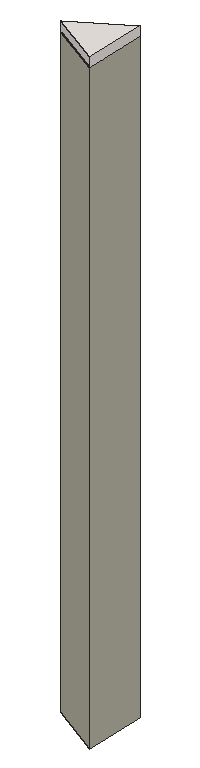
Revit family "M_Sistema de mobiliário-partição-poste de transição-triangular", category Sistema de mobiliário, Revit 2019
Family settings
  Cota do conector redondo = Utilizar diâmetro
  Tipo de parte = Normal
  Número OmniClass = 23.40.70.14.64.21
  Título OmniClass = Systems Furniture
  Com base no plano de trabalho = Não
  Sempre na vertical = Sim
  Corte com vazios quando carregada = Não
  Compartilhado = Não
  Ponto de cálculo do ambiente = Não
Parameters (values of type "80 x 900mm")
  t = (Espessura / 2) / (tan(30.00°))  # 69.282 mm
  Comentários de tipos = "Poste de transição triangular de 80 x 900 mm"
  Espessura = 80 mm
  Material do painel [instance] = Tela – Xadrez bege
  Model = ""
  Manufacturer = ""
  Altura = 900 mm
  Material da aresta [instance] = Metal – Linho pintado
  Description = ""
Types (3, lengths in mm): name | Comentários de tipos | Altura
  80 x 1050mm | "Poste de transição triangular de 80 x 1050 mm" | 1050
  80 x 1500mm | "Poste de transição triangular de 80 x 1500 mm" | 1500
  80 x 900mm | "Poste de transição triangular de 80 x 900 mm" | 900
Reference planes
  plane 1 "Centro F/T": y = 0
  plane 2: z = 0
  plane 3 "Centro E/D": x = 0
  plane 4 "Parte frontal": y = -40
  plane 5 "Esquerda": x = -34.641
  plane 6 "Superior": z = 900
  plane 7 "Inferior": z = 101.6
  plane 8: z = 887.3
  plane 9 "Direita": x = 34.641
  plane 10: y = 40
  plane 11: z = 6.35
Forms (mm)
  Extrusion 1, solid, material "Tela – Xadrez bege" <- "Material do painel"
    sketch origin (0, 0, 0) x (1, 0, 0) y (0, 1, 0)
      loop
        line (34.641, 40) -> (-34.641, 0) -> (34.641, -40) -> (34.641, 40)
    from 101.6 to 887.3
  Extrusion 2, solid, material "Metal – Linho pintado" <- "Material da aresta"
    sketch origin (0, 0, 0) x (1, 0, 0) y (0, 1, 0)
      loop
        line (34.641, 40) -> (-34.641, 0) -> (34.641, -40) -> (34.641, 40)
    from 887.3 to 900
Lines and regions (mm)
  Masking region 1
    outline origin (0, 0, 0) x (1, 0, 0) y (0, 1, 0)
      loop
        line (34.641, 40) -> (-34.641, 0) -> (34.641, -40) -> (34.641, 40)
Dimensions and locks
  "t": plane 5 "Esquerda" to plane 9 "Direita"
  plane 7 "Inferior" to plane 2 = 101.6 mm
  "Altura": plane 6 "Superior" to plane 2
  locked: plane 6 "Superior" to plane 8 at 12.7
  "Espessura": plane 10 to plane 4 "Parte frontal"
  equal spacing: plane 10, plane 1 "Centro F/T", plane 4 "Parte frontal"
  locked: plane 11 to level at 6.35
  equal spacing: plane 5 "Esquerda", plane 3 "Centro E/D", plane 9 "Direita"
  aligned and locked: level to plane 2
  aligned and locked: Extrusion 1 to plane 7 "Inferior"
  aligned and locked: plane 8 to Extrusion 1
  aligned and locked: plane 9 "Direita" to Masking region 1 sketch curve
  aligned and locked: plane 9 "Direita" to Extrusion 1 sketch curve
  aligned and locked: plane 6 "Superior" to Extrusion 2
  aligned and locked: Extrusion 2 to plane 8
Automatic sketch dimensions
  plane 1 "Centro F/T" to Extrusion 1 sketch curve = 0 mm
  Extrusion 1 sketch curve to plane 5 "Esquerda" = 0 mm
  Extrusion 1 sketch curve to plane 4 "Parte frontal" = 0 mm
  Extrusion 1 sketch curve to plane 10 = 0 mm
  plane 1 "Centro F/T" to Masking region 1 sketch curve = 0 mm
  Masking region 1 sketch curve to plane 5 "Esquerda" = 0 mm
  Masking region 1 sketch curve to plane 4 "Parte frontal" = 0 mm
  Masking region 1 sketch curve to plane 10 = 0 mm
  plane 1 "Centro F/T" to Extrusion 2 sketch curve = 0 mm
  Extrusion 2 sketch curve to plane 5 "Esquerda" = 0 mm
  Extrusion 2 sketch curve to plane 4 "Parte frontal" = 0 mm
  Extrusion 2 sketch curve to plane 9 "Direita" = 0 mm
  Extrusion 2 sketch curve to plane 10 = 0 mm  (x2)
